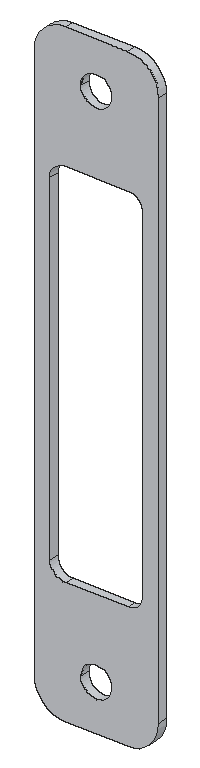
Revit family "Maçaneta da porta 3", category Portas, Revit 2019
Family settings
  Com base no plano de trabalho = Não
  Sempre na vertical = Sim
  Corte com vazios quando carregada = Sim
  Compartilhado = Não
  Ponto de cálculo do ambiente = Não
Parameters
  Width = 40 mm
  Espessura = 3 mm
  Rough Width = Width  # 40 mm
  Rough Height = Height  # 200 mm
  Height = 200 mm
  Material do puxador = none
Reference planes
  plane 1 "Centro (Frente/Trás)": y = 0
  plane 2: z = 0
  plane 3 "Centro (Esquerda/Direita)": x = 0
  plane 4: x = -20
  plane 5: x = 20
  plane 6: y = 3
  plane 7: z = 100
  plane 8: z = -100
  plane 9: y = -10
  plane 10: x = 15
  plane 11: x = -15
  plane 12: z = 60
  plane 13: z = -60
  plane 14: z = 85
  plane 15: z = -85
  plane 16: z = 62
  plane 17: x = 17
  plane 18: x = -17
  plane 19: z = -62
  plane 20: y = -8
  plane 21: y = -15
Forms (mm)
  Extrusion 1, solid, material <- "Material do puxador"
    sketch origin (0, 0, 0) x (1, 0, 0) y (0, 0, 1)
      loop
        line (10, 100) -> (-10, 100)
        arc (-10, 100) -> (-17.071, 97.071) -> (-20, 90) r 10
        line (-20, 90) -> (-20, -90)
        arc (-20, -90) -> (-17.071, -97.071) -> (-10, -100) r 10
        line (-10, -100) -> (10, -100)
        arc (10, -100) -> (17.071, -97.071) -> (20, -90) r 10
        line (20, -90) -> (20, 90)
        arc (20, 90) -> (17.071, 97.071) -> (10, 100) r 10
      loop
        line (10, 60) -> (-10, 60)
        arc (-10, 60) -> (-13.536, 58.536) -> (-15, 55) r 5
        line (-15, 55) -> (-15, -55)
        arc (-15, -55) -> (-13.536, -58.536) -> (-10, -60) r 5
        line (-10, -60) -> (10, -60)
        arc (10, -60) -> (13.536, -58.536) -> (15, -55) r 5
        line (15, -55) -> (15, 55)
        arc (15, 55) -> (13.536, 58.536) -> (10, 60) r 5
      loop
        circle (0, 85) r 5
      loop
        circle (0, -85) r 5
    from -3 to 0
  Extrusion 2, solid, material <- "Material do puxador"
    sketch origin (0, 0, 0) x (1, 0, 0) y (0, 0, 1)
      loop
        arc (-10, 60) -> (-13.536, 58.536) -> (-15, 55) r 5
        line (-15, 55) -> (-15, -55)
        arc (-15, -55) -> (-13.536, -58.536) -> (-10, -60) r 5
        line (-10, -60) -> (10, -60)
        arc (10, -60) -> (13.536, -58.536) -> (15, -55) r 5
        line (15, -55) -> (15, 55)
        arc (15, 55) -> (13.536, 58.536) -> (10, 60) r 5
        line (10, 60) -> (-10, 60)
      loop
        arc (-10, 62) -> (-14.95, 59.95) -> (-17, 55) r 7
        line (-17, 55) -> (-17, -55)
        arc (-17, -55) -> (-14.95, -59.95) -> (-10, -62) r 7
        line (-10, -62) -> (10, -62)
        arc (10, -62) -> (14.95, -59.95) -> (17, -55) r 7
        line (17, -55) -> (17, 55)
        arc (17, 55) -> (14.95, 59.95) -> (10, 62) r 7
        line (10, 62) -> (-10, 62)
    from 0 to 10
  Extrusion 3, solid, material <- "Material do puxador"
    sketch origin (0, 0, 0) x (1, 0, 0) y (0, 0, 1)
      loop
        arc (-10, 60) -> (-13.536, 58.536) -> (-15, 55) r 5
        line (-15, 55) -> (-15, -55)
        arc (-15, -55) -> (-13.536, -58.536) -> (-10, -60) r 5
        line (-10, -60) -> (10, -60)
        arc (10, -60) -> (13.536, -58.536) -> (15, -55) r 5
        line (15, -55) -> (15, 55)
        arc (15, 55) -> (13.536, 58.536) -> (10, 60) r 5
        line (10, 60) -> (-10, 60)
    from 8 to 10
  Extrusion 4, void
    sketch origin (0, 0, 0) x (1, 0, 0) y (0, 0, 1)
      loop
        line (-17, 62) -> (-17, -62) -> (17, -62) -> (17, 62) -> (-17, 62)
    from 0 to 15
Cuts and joins
  Extrusion 4 cuts Extrusion 1
  Extrusion 4 cuts Extrusion 2
  Extrusion 4 cuts Extrusion 3
  joined: Extrusion 1, Extrusion 2, Extrusion 3
Dimensions and locks
  equal spacing: plane 4, plane 3 "Centro (Esquerda/Direita)", plane 5
  "Espessura": plane 6 to plane 1 "Centro (Frente/Trás)"
  "Width": plane 4 to plane 5
  equal spacing: plane 7, plane 2, plane 8
  "Height": plane 7 to plane 8
  locked: plane 10 to plane 5 at 5
  locked: plane 4 to plane 11 at 5
  locked: plane 8 to plane 13 at 40
  locked: plane 12 to plane 7 at 40
  locked: plane 14 to plane 7 at 15
  locked: plane 8 to plane 15 at 15
  locked: plane 9 to cut or joined group of Extrusion 1, Extrusion 2, Extrusion 3, Extrusion 4 at 10
  locked: plane 18 to plane 11 at 2
  locked: plane 19 to plane 13 at 2
  locked: plane 12 to plane 16 at 2
  locked: plane 10 to plane 17 at 2
  locked: plane 20 to plane 9 at 2
  locked: plane 9 to plane 21 at 5
  radius of Extrusion 1 sketch curve = 10 mm  (x4)
  radius of Extrusion 1 sketch curve = 5 mm  (x6)
  radius of Extrusion 2 sketch curve = 7 mm  (x4)
  aligned and locked: level to plane 2
  aligned and locked: plane 7 to Extrusion 1 sketch curve
  aligned and locked: plane 5 to Extrusion 1 sketch curve
  aligned and locked: Extrusion 1 sketch curve to plane 8
  aligned and locked: Extrusion 1 sketch curve to plane 4
  aligned and locked: plane 12 to Extrusion 1 sketch curve
  aligned and locked: Extrusion 1 sketch curve to plane 10
  aligned and locked: Extrusion 1 sketch curve to plane 13
  aligned and locked: plane 11 to Extrusion 1 sketch curve
  aligned and locked: plane 6 to Extrusion 1
  aligned and locked: plane 1 "Centro (Frente/Trás)" to Extrusion 1
  aligned and locked: plane 14 to Extrusion 1 sketch curve
  aligned and locked: plane 3 "Centro (Esquerda/Direita)" to Extrusion 1 sketch curve  (x2)
  aligned and locked: plane 15 to Extrusion 1 sketch curve
  aligned and locked: Extrusion 2 sketch curve to Extrusion 1  (x4)
  aligned and locked: Extrusion 2 to plane 1 "Centro (Frente/Trás)"
  aligned and locked: Extrusion 2 to plane 9
  aligned and locked: plane 16 to Extrusion 2 sketch curve
  aligned and locked: Extrusion 2 sketch curve to plane 17
  aligned and locked: plane 19 to Extrusion 2 sketch curve
  aligned and locked: Extrusion 2 sketch curve to plane 18
  aligned and locked: Extrusion 3 sketch curve to cut or joined group of Extrusion 1, Extrusion 2, Extrusion 3, Extrusion 4  (x4)
  aligned and locked: plane 20 to Extrusion 3
  aligned and locked: Extrusion 3 to plane 9
  aligned and locked: Extrusion 4 sketch curve to plane 16
  aligned and locked: plane 18 to Extrusion 4 sketch curve
  aligned and locked: Extrusion 4 sketch curve to plane 19
  aligned and locked: plane 17 to Extrusion 4 sketch curve
  aligned and locked: Extrusion 4 to plane 1 "Centro (Frente/Trás)"
  aligned and locked: Extrusion 4 to plane 21
Automatic sketch dimensions
  Extrusion 1 sketch curve to plane 4 = 0 mm
  Extrusion 1 sketch curve to plane 5 = 0 mm
